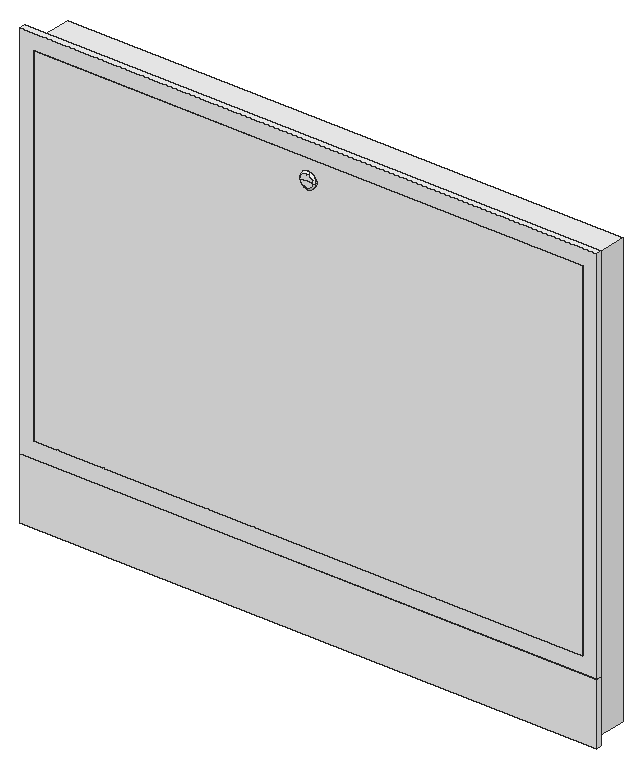
Revit family "UnoFloor Light(C)(CI)_RFA_1", category Pipe Accessories, Revit 2019
Family settings
  Round Connector Dimension = Use Diameter
  Part Type = Valve - Breaks Into
  OmniClass Number = 23.65.55.14.17
  OmniClass Title = Adjusting/Controlling Valves for Liquid Services
  Work Plane-Based = Yes
  Always vertical = Yes
  Cut with Voids When Loaded = No
  Shared = No
Parameters (values of type "UnoFloor Light_4L-12L")
  W = 79.5 mm  # constant formula
  Voltage = 230 V
  URL = "https://store.danfoss.com/en/Climate-Solutions-for-heating/Stations/UnoFloor/c/31547?q=%3Arelevance%3Adanfoss_producttypehierarchydesc%3AUnoFloor+Light&text="
  Type number = 1
  Type Comments = ""
  Right Assembly = not(Left Assembly)  # no
  Required Circuits [instance] = 12
  Product Code [instance] = if(Type number = 1, size_lookup(LookupTableName, "Light", "NA", Number of Circuits), if(Type number = 2, size_lookup(LookupTableName, "C", "NA", Number of Circuits), if(Type number = 3, size_lookup(LookupTableName, "CI", "NA", Number of Circuits), "NA")))  # "088X3712"
  Pressure Drop [instance] = 0.0 Pa
  Power = 0 VA
  Pack Contents = "Stainless steel manifold"
  Number of Circuits [instance] = if(Required Circuits < 4, 4, if(Required Circuits > 12, 12, if(Required Circuits = 9, 10, if(Required Circuits = 11, 12, Required Circuits))))  # 12
  Nominal Pressure = "PN 6"  # constant formula
  Model Type [instance] = if(Type number = 1, size_lookup(LookupTableName, "TypeLight", "NA", Number of Circuits), if(Type number = 2, size_lookup(LookupTableName, "TypeC", "NA", Number of Circuits), if(Type number = 3, size_lookup(LookupTableName, "TypeCI", "NA", Number of Circuits), "NA")))  # "Unofloor Light 12 Loops Left"
  Model = "088X3704,088X3705,088X3706,088X3707,088X3708,088X3710,088X3712"
  Max Medium Temperature = "60 °C"  # constant formula
  Max Differential Pressure = "0.6 bar"  # constant formula
  Manufacturer = "Danfoss"  # constant formula
  LookupTableName = "Unofloor Light(C)(CI)_Lookup"  # constant formula
  Left Assembly = 1 = 1  # yes
  L5a [instance] = if(Left Assembly, L5, (L + 50.0 mm - L5 - ((Number of Circuits - 1) * 50.0 mm)))  # 268.0 mm
  L5 = 268.0 mm  # constant formula
  L4a [instance] = if(Left Assembly, L4, (L - L4 - ((Number of Circuits - 1) * 50.0 mm)))  # 268.0 mm
  L4 = 268.0 mm  # constant formula
  L3a [instance] = if(Left Assembly, L3, L - L3)  # 184.6 mm
  L3 = 184.6 mm  # constant formula
  L2a [instance] = if(Left Assembly, L2, L - L2)  # 153.0 mm
  L2 = 153.0 mm  # constant formula
  L1 = 50.0 mm
  L [instance] = if(and(Number of Circuits > 3, Number of Circuits < 7), 650.0 mm, if(and(Number of Circuits > 6, Number of Circuits < 9), 800.0 mm, 1000.0 mm))  # 1000.0 mm
  IfcExportType = "Unofloor Light"
  IfcExportAs = "IfcValveType"  # constant formula
  H2 = 182.0 mm  # constant formula
  H1 = 371.0 mm  # constant formula
  H = 769.0 mm
  Flow 9 [instance] = 0.0 m³/h
  Flow 8 [instance] = 0.0 m³/h
  Flow 7 [instance] = 0.0 m³/h
  Flow 6 [instance] = 0.0 m³/h
  Flow 5 [instance] = 0.0 m³/h
  Flow 4 [instance] = 0.0 m³/h
  Flow 3 [instance] = 0.0 m³/h
  Flow 2 [instance] = 0.0 m³/h
  Flow 12 [instance] = 0.0 m³/h
  Flow 11 [instance] = 0.0 m³/h
  Flow 10 [instance] = 0.0 m³/h
  Flow 1 [instance] = 0.0 m³/h
  Flow [instance] = 0.0 m³/h
  Description = "Distribution Units"  # constant formula
  Default Elevation = 1219.2 mm
  D = 20.0 mm
  Clearance Zone Front Visibility [instance] = no
  Clearance Zone Front [instance] = 500.0 mm
  Body Material = Danfoss Steel (Zinc Plated and Painted White)
Types (4, lengths in mm): name | URL | Type number | Product Code | Pack Contents | Model Type | Model | IfcExportType
  (no name) | "https://store.danfoss.com/en/Climate-Solutions-for-heating/Stations/UnoFloor/c/31547?q=%3Arelevance%3Adanfoss_producttypehierarchydesc%3AUnoFloor+Light&text=" | 1 | "088X3712" | "Stainless steel manifold" | "Unofloor Light 12 Loops Left" | "088X3704,088X3705,088X3706,088X3707,088X3708,088X3710,088X3712" | "Unofloor Light"
  UnoFloor Light CI_4L-12L | "https://store.danfoss.com/en/Climate-Solutions-for-heating/Stations/UnoFloor/c/31547?q=%3Arelevance%3Adanfoss_producttypehierarchydesc%3AUnoFloor+Light+CI&text=" | 3 | "088X3742" | "Danfoss Icon2™ Master controller 230V, Stainless steel manifold" | "Unofloor Light Ci 12 Loops left ICON2 - 230V" | "088X3734,088X3735,088X3736,088X3737,088X3738,088X3740,088X3742" | "Unofloor CI"
  UnoFloor Light_4L-12L | "https://store.danfoss.com/en/Climate-Solutions-for-heating/Stations/UnoFloor/c/31547?q=%3Arelevance%3Adanfoss_producttypehierarchydesc%3AUnoFloor+Light&text=" | 1 | "088X3712" | "Stainless steel manifold" | "Unofloor Light 12 Loops Left" | "088X3704,088X3705,088X3706,088X3707,088X3708,088X3710,088X3712" | "Unofloor Light"
  UnoFloor Light C_4L-12L | "https://store.danfoss.com/en/Climate-Solutions-for-heating/Stations/UnoFloor/c/31547?q=%3Arelevance%3Adanfoss_producttypehierarchydesc%3AUnoFloor+Light+C&text=" | 2 | "088X3722" | "Danfoss Icon™ Wiring center 230V, Stainless steel manifold" | "Unofloor Light C 12 Loops left  Icon 230" | "088X3714,088X3715,088X3716,088X3717,088X3718,088X3720,088X3722" | "Unofloor Light C"
Reference planes
  plane 1 "Center (Front/Back)": y = 0
  plane 2: z = 0
  plane 3 "Center (Left/Right)": x = 0
  plane 4: x = 0
  plane 5: x = 1000
  plane 6: z = 769
  plane 7 "Ref. Level 4": z = 182
  plane 8 "Ref. Level 3": z = 371
  plane 9 "Ref. Level 1": z = 433
  plane 10 "Ref. Level 2": z = 244.3
  plane 11: x = 268
  plane 12: y = 69.5
  plane 13 "Front 1": y = 30.7
  plane 14 "Front 2": y = 23.6
  plane 15: x = 153
  plane 16: x = 184.6
  plane 17: x = 268
  plane 18: y = -10
  plane 19: x = 500
  plane 20 "Ref-Level_1": z = 707.5
  plane 21: y = 27.5
Forms (mm)
  Extrusion 1, solid
    sketch origin (268, -35.547, 427.204) x (0, 0.996195, 0.087156) y (-1, 0, 0)
      loop
        circle (66.5, 0) r 13.22
    from 0 to 16.7
  Extrusion 2, solid, material "Danfoss Steel (Zinc Plated and Painted White)" <- "Body Material", detail levels fine
    sketch origin (94.5, 0, 0) x (1, 0, 0) y (0, 0, 1)
      loop
        line (-94.5, 0) -> (905.5, 0) -> (905.5, 769) -> (-94.5, 769) -> (-94.5, 0)
    from 10 to -69.5
  Extrusion 3, solid
    sketch origin (318, -35.547, 427.204) x (0, 0.996195, 0.087156) y (-1, 0, 0)
      loop
        circle (66.5, 0) r 13.22
    from 0 to 16.7
  Extrusion 4, solid
    sketch origin (368, -35.547, 427.204) x (0, 0.996195, 0.087156) y (-1, 0, 0)
      loop
        circle (66.5, 0) r 13.22
    from 0 to 16.7
  Extrusion 5, solid
    sketch origin (418, -35.547, 427.204) x (0, 0.996195, 0.087156) y (-1, 0, 0)
      loop
        circle (66.5, 0) r 13.22
    from 0 to 16.7
  Extrusion 6, solid
    sketch origin (231.5, 58.6, 244.3) x (0, 1, 0) y (-1, 0, 0)
      loop
        circle (-35, -36.5) r 13.22
    from 0 to 16.7
  Extrusion 7, solid
    sketch origin (281.5, 58.6, 244.3) x (0, 1, 0) y (-1, 0, 0)
      loop
        circle (-35, -36.5) r 13.22
    from 0 to 16.7
  Extrusion 8, solid
    sketch origin (331.5, 58.6, 244.3) x (0, 1, 0) y (-1, 0, 0)
      loop
        circle (-35, -36.5) r 13.22
    from 0 to 16.7
  Extrusion 9, solid
    sketch origin (381.5, 58.6, 244.3) x (0, 1, 0) y (-1, 0, 0)
      loop
        circle (-35, -36.5) r 13.22
    from 0 to 16.7
  Extrusion 10, solid, material "Danfoss Steel (Zinc Plated and Painted White)" <- "Body Material", detail levels fine
    sketch origin (94.5, 0, 371) x (-1, 0, 0) y (0, -1, 0)
      loop
        circle (-58.5, -27.5) r 13.2
    from 0 to 12.3
  Extrusion 11, solid, material "Danfoss Steel (Zinc Plated and Painted White)" <- "Body Material", detail levels fine
    sketch origin (94.5, 0, 182) x (-1, 0, 0) y (0, -1, 0)
      loop
        circle (-90.1, -23.6) r 13.2
    from 0 to 12.3
  Extrusion 12, solid
    sketch origin (468, -35.547, 427.204) x (0, 0.996195, 0.087156) y (-1, 0, 0)
      loop
        circle (66.5, 0) r 13.22
    from 0 to 16.7
  Extrusion 13, solid
    sketch origin (518, -35.547, 427.204) x (0, 0.996195, 0.087156) y (-1, 0, 0)
      loop
        circle (66.5, 0) r 13.22
    from 0 to 16.7
  Extrusion 14, solid
    sketch origin (568, -35.547, 427.204) x (0, 0.996195, 0.087156) y (-1, 0, 0)
      loop
        circle (66.5, 0) r 13.22
    from 0 to 16.7
  Extrusion 15, solid
    sketch origin (618, -35.547, 427.204) x (0, 0.996195, 0.087156) y (-1, 0, 0)
      loop
        circle (66.5, 0) r 13.22
    from 0 to 16.7
  Extrusion 16, solid
    sketch origin (668, -35.547, 427.204) x (0, 0.996195, 0.087156) y (-1, 0, 0)
      loop
        circle (66.5, 0) r 13.22
    from 0 to 16.7
  Extrusion 17, solid
    sketch origin (718, -35.547, 427.204) x (0, 0.996195, 0.087156) y (-1, 0, 0)
      loop
        circle (66.5, 0) r 13.22
    from 0 to 16.7
  Extrusion 18, solid
    sketch origin (768, -35.547, 427.204) x (0, 0.996195, 0.087156) y (-1, 0, 0)
      loop
        circle (66.5, 0) r 13.22
    from 0 to 16.7
  Extrusion 19, solid
    sketch origin (818, -35.547, 427.204) x (0, 0.996195, 0.087156) y (-1, 0, 0)
      loop
        circle (66.5, 0) r 13.22
    from 0 to 16.7
  Extrusion 20, solid
    sketch origin (431.5, 58.6, 244.3) x (0, 1, 0) y (-1, 0, 0)
      loop
        circle (-35, -36.5) r 13.22
    from 0 to 16.7
  Extrusion 21, solid
    sketch origin (481.5, 58.6, 244.3) x (0, 1, 0) y (-1, 0, 0)
      loop
        circle (-35, -36.5) r 13.22
    from 0 to 16.7
  Extrusion 22, solid
    sketch origin (531.5, 58.6, 244.3) x (0, 1, 0) y (-1, 0, 0)
      loop
        circle (-35, -36.5) r 13.22
    from 0 to 16.7
  Extrusion 23, solid
    sketch origin (581.5, 58.6, 244.3) x (0, 1, 0) y (-1, 0, 0)
      loop
        circle (-35, -36.5) r 13.22
    from 0 to 16.7
  Extrusion 24, solid
    sketch origin (631.5, 58.6, 244.3) x (0, 1, 0) y (-1, 0, 0)
      loop
        circle (-35, -36.5) r 13.22
    from 0 to 16.7
  Extrusion 25, solid
    sketch origin (681.5, 58.6, 244.3) x (0, 1, 0) y (-1, 0, 0)
      loop
        circle (-35, -36.5) r 13.22
    from 0 to 16.7
  Extrusion 26, solid
    sketch origin (731.5, 58.6, 244.3) x (0, 1, 0) y (-1, 0, 0)
      loop
        circle (-35, -36.5) r 13.22
    from 0 to 16.7
  Extrusion 27, solid
    sketch origin (781.5, 58.6, 244.3) x (0, 1, 0) y (-1, 0, 0)
      loop
        circle (-35, -36.5) r 13.22
    from 0 to 16.7
  Extrusion 28, void
    sketch origin (0, 0, 0) x (1, 0, 0) y (0, 0, 1)
      loop
        line (23, 742) -> (23, 134.25) -> (977, 134.25) -> (977, 742) -> (23, 742)
      loop
        line (24, 135.25) -> (976, 135.25) -> (976, 741) -> (24, 741) -> (24, 135.25)
    from 0 to 10
  Extrusion 29, void
    sketch origin (0, 0, 0) x (1, 0, 0) y (0, 0, 1)
      loop
        line (0, 107.25) -> (0, 106.25) -> (1000, 106.25) -> (1000, 107.25) -> (0, 107.25)
    from 0 to 10
  Extrusion 30, void
    sketch origin (0, 0, 0) x (1, 0, 0) y (0, 0, 1)
      loop
        line (0, 769) -> (0, 0) -> (19, 0) -> (19, 752) -> (981, 752) -> (981, 0) -> (1000, 0) -> (1000, 769) -> (0, 769)
    from 0 to -69.5
  Revolve 31, solid, material "Danfoss Steel (Zinc Plated and Painted White)" <- "Body Material", detail levels fine
    sketch origin (0, 0, 707.5) x (-1, 0, 0) y (0, -1, 0)
      loop
        line (-485.988, 10) -> (-485.988, 11) -> (-488.988, 14) -> (-500, 14) -> (-500, 10) -> (-485.988, 10)
      axis (-500, 10) -> (-500, 14)
    angle from 0 to 360
  Extrusion 32, solid, material "Danfoss Steel (Zinc Plated and Painted White)" <- "Body Material", detail levels coarse+medium
    sketch origin (0, 0, 0) x (1, 0, 0) y (0, 0, 1)
      loop
        line (1000, 769) -> (0, 769) -> (0, 0) -> (1000, 0) -> (1000, 769)
    from -69.5 to 10
  Extrusion 33, solid, material "Transparent", visible <- "Clearance Zone Front Visibility"
    sketch origin (0, 0, 0) x (1, 0, 0) y (0, 0, 1)
      loop
        line (0, 769) -> (0, 0) -> (1000, 0) -> (1000, 769) -> (0, 769)
    from -69.5 to 430.5
Cuts and joins
  Extrusion 28, Extrusion 29, Extrusion 30 cuts Extrusion 2
Dimensions and locks
  "L": plane 5 to plane 4
  "H": plane 6 to level
  "H2": plane 7 "Ref. Level 4" to level
  "H1": plane 8 "Ref. Level 3" to level
  locked: plane 9 "Ref. Level 1" to plane 2 at 433
  equal spacing: group 1, group 2, group 3, group 4, group 9, group 10, group 11, group 12, group 13, group 14, group 15, group 16  (x3)
  locked: plane 13 "Front 1" to plane 12 at 38.8
  plane 14 "Front 2" to plane 13 "Front 1" = 7.1 mm
  equal spacing: group 5, group 6, group 7, group 8, group 17, group 18, group 19, group 20, group 21, group 22, group 23, group 24  (x3)
  "L1": plane 11 to Extrusion 7
  plane 9 "Ref. Level 1" to plane 10 "Ref. Level 2" = 188.7 mm
  "L4a": plane 11 to plane 4
  "L1": plane 17 to Extrusion 3
  "L5a": plane 17 to plane 4
  "L2a": plane 15 to plane 4
  "L3a": plane 16 to plane 4
  "W": plane 18 to plane 12
  locked: plane 18 to plane 1 "Center (Front/Back)" at 10
  locked: plane 6 to Extrusion 28 sketch curve at 27
  locked: Extrusion 28 sketch curve to plane 4 at 23
  locked: plane 5 to Extrusion 28 sketch curve at 23
  locked: Extrusion 28 sketch curve to Extrusion 28 sketch curve at 1
  equal spacing: plane 5, plane 19, plane 3 "Center (Left/Right)"
  Extrusion 29 sketch curve to Extrusion 29 sketch curve to plane 2 = 1.0 mm locked, 106.25 mm locked
  locked: Extrusion 30 sketch curve to plane 4 at 19
  locked: plane 6 to Extrusion 30 sketch curve at 17
  locked: plane 5 to Extrusion 30 sketch curve at 19
  locked: plane 6 to plane 20 "Ref-Level_1" at 61.5
  Revolve 31 sketch curve to Revolve 31 sketch curve = 14.012 mm
  locked: Revolve 31 sketch curve to cut or joined group of Extrusion 2, Extrusion 28, Extrusion 29, Extrusion 30 at 4
  locked: Revolve 31 sketch curve to cut or joined group of Extrusion 2, Extrusion 28, Extrusion 29, Extrusion 30 at 1
  "Clearance Zone Front": Extrusion 33 to plane 12
  locked: Extrusion 28 sketch curve to level at 134.25
  locked: plane 21 to plane 12 at 42
  diameter of Extrusion 1 sketch curve = 26.44 mm
  diameter of Extrusion 3 sketch curve = 26.44 mm
  diameter of Extrusion 4 sketch curve = 26.44 mm
  diameter of Extrusion 5 sketch curve = 26.44 mm
  diameter of Extrusion 6 sketch curve = 26.44 mm
  diameter of Extrusion 7 sketch curve = 26.44 mm
  diameter of Extrusion 8 sketch curve = 26.44 mm
  diameter of Extrusion 9 sketch curve = 26.44 mm
  diameter of Extrusion 10 sketch curve = 26.4 mm
  diameter of Extrusion 11 sketch curve = 26.4 mm
  diameter of Extrusion 12 sketch curve = 26.44 mm
  diameter of Extrusion 13 sketch curve = 26.44 mm
  diameter of Extrusion 14 sketch curve = 26.44 mm
  diameter of Extrusion 15 sketch curve = 26.44 mm
  diameter of Extrusion 16 sketch curve = 26.44 mm
  diameter of Extrusion 17 sketch curve = 26.44 mm
  diameter of Extrusion 18 sketch curve = 26.44 mm
  diameter of Extrusion 19 sketch curve = 26.44 mm
  diameter of Extrusion 20 sketch curve = 26.44 mm
  diameter of Extrusion 21 sketch curve = 26.44 mm
  diameter of Extrusion 22 sketch curve = 26.44 mm
  diameter of Extrusion 23 sketch curve = 26.44 mm
  diameter of Extrusion 24 sketch curve = 26.44 mm
  diameter of Extrusion 25 sketch curve = 26.44 mm
  diameter of Extrusion 26 sketch curve = 26.44 mm
  diameter of Extrusion 27 sketch curve = 26.44 mm
  locked: Revolve 31 sketch curve to Revolve 31 sketch curve (angle 135.00°)
  aligned and locked: level to plane 2
  aligned and locked: plane 17 to Extrusion 1
  aligned and locked: plane 11 to Extrusion 6
  aligned and locked: plane 18 to Extrusion 2
  aligned and locked: Extrusion 2 to plane 12
  aligned and locked: Extrusion 2 to Extrusion 28
  aligned and locked: plane 3 "Center (Left/Right)" to Extrusion 29 sketch curve
  aligned and locked: Extrusion 29 sketch curve to plane 5
  aligned and locked: Extrusion 2 to Extrusion 29
  aligned and locked: Extrusion 30 sketch curve to cut or joined group of Extrusion 2, Extrusion 28, Extrusion 29, Extrusion 30  (x2)
  aligned and locked: cut or joined group of Extrusion 2, Extrusion 28, Extrusion 29, Extrusion 30 to Extrusion 30 sketch curve
  aligned and locked: Extrusion 30 sketch curve to plane 2
  aligned and locked: Extrusion 30 to Extrusion 2
  aligned and locked: cut or joined group of Extrusion 2, Extrusion 28, Extrusion 29, Extrusion 30 to Revolve 31 sketch curve
  aligned and locked: Revolve 31 sketch curve to plane 19
  aligned and locked: Revolve 31 sketch curve to Revolve 31 sketch curve  (x3)
  aligned and locked: Extrusion 32 sketch curve to cut or joined group of Extrusion 2, Extrusion 28, Extrusion 29, Extrusion 30  (x3)
  aligned and locked: cut or joined group of Extrusion 2, Extrusion 28, Extrusion 29, Extrusion 30 to Extrusion 32 sketch curve
  aligned and locked: plane 18 to Extrusion 32
  aligned and locked: Extrusion 32 to plane 12
  aligned and locked: Extrusion 33 sketch curve to cut or joined group of Extrusion 2, Extrusion 28, Extrusion 29, Extrusion 30  (x3)
  aligned and locked: cut or joined group of Extrusion 2, Extrusion 28, Extrusion 29, Extrusion 30 to Extrusion 33 sketch curve
  aligned and locked: Extrusion 33 to plane 12
  aligned and locked: plane 21 to Extrusion 10 sketch curve
  aligned and locked: plane 15 to Extrusion 10 sketch curve
Automatic sketch dimensions
  Extrusion 2 sketch curve to plane 4 = 0.0 mm
  Extrusion 2 sketch curve to plane 5 = 0.0 mm
  Extrusion 2 sketch curve to level = 0.0 mm
  Extrusion 2 sketch curve to plane 6 = 0.0 mm
  plane 14 "Front 2" to Extrusion 11 sketch curve = 0.0 mm
  Extrusion 11 sketch curve to plane 16 = 0.0 mm
  Extrusion 28 sketch curve to Extrusion 28 sketch curve = 1.0 mm  (x3)
  Extrusion 30 sketch curve to level = 0.0 mm
Connectors
  piping at (153, 27.5, 371), diameter 20, driven by "D", driven by "Flow"
    settings: on Extrusion 10, index 1, connector inside diameter 609.6 mm, connector length 0.0 mm, flow factor 0, pipe flow 0.0 m³/h, pressure drop 0.0 Pa, fitting loss kfactor 0, connector angle 0.00°, fixture units 0, engagement length 0.0 mm, angle of deflection 0.00°, flow configuration 0, flow direction 2, fitting loss method 0, system type 8, joint type 0, gender type 0, connector reference index -1, connector utility 0, adjustable connector no, is connector primary yes, connector description "Return"
  piping at (184.6, 23.6, 182), diameter 20, driven by "D", driven by "Flow"
    settings: on Extrusion 11, index 2, connector inside diameter 609.6 mm, connector length 0.0 mm, flow factor 0, pipe flow 0.0 m³/h, pressure drop 0.0 Pa, fitting loss kfactor 0, connector angle 0.00°, fixture units 0, engagement length 0.0 mm, angle of deflection 0.00°, flow configuration 0, flow direction 1, fitting loss method 0, system type 7, joint type 0, gender type 0, connector reference index -1, connector utility 0, adjustable connector no, is connector primary no, connector description "Supply"
  piping at (268, 23.6, 244.3), diameter 20, driven by "D", driven by "Flow 1"
    settings: on Extrusion 6, index 3, connector inside diameter 609.6 mm, connector length 0.0 mm, flow factor 0, pipe flow 0.0 m³/h, pressure drop 0.0 Pa, fitting loss kfactor 0, connector angle 0.00°, fixture units 0, engagement length 0.0 mm, angle of deflection 0.00°, flow configuration 0, flow direction 1, fitting loss method 0, system type 7, joint type 0, gender type 0, connector reference index -1, connector utility 0, adjustable connector no, is connector primary no, connector description "Supply1"
  piping at (318, 23.6, 244.3), diameter 20, driven by "D", driven by "Flow 2"
    settings: on Extrusion 7, index 4, connector inside diameter 609.6 mm, connector length 0.0 mm, flow factor 0, pipe flow 0.0 m³/h, pressure drop 0.0 Pa, fitting loss kfactor 0, connector angle 0.00°, fixture units 0, engagement length 0.0 mm, angle of deflection 0.00°, flow configuration 0, flow direction 1, fitting loss method 0, system type 7, joint type 0, gender type 0, connector reference index -1, connector utility 0, adjustable connector no, is connector primary no, connector description "Supply2"
  piping at (368, 23.6, 244.3), diameter 20, driven by "D", driven by "Flow 3"
    settings: on Extrusion 8, index 5, connector inside diameter 609.6 mm, connector length 0.0 mm, flow factor 0, pipe flow 0.0 m³/h, pressure drop 0.0 Pa, fitting loss kfactor 0, connector angle 0.00°, fixture units 0, engagement length 0.0 mm, angle of deflection 0.00°, flow configuration 0, flow direction 1, fitting loss method 0, system type 7, joint type 0, gender type 0, connector reference index -1, connector utility 0, adjustable connector no, is connector primary no, connector description "Supply3"
  piping at (418, 23.6, 244.3), diameter 20, driven by "D", driven by "Flow 4"
    settings: on Extrusion 9, index 6, connector inside diameter 609.6 mm, connector length 0.0 mm, flow factor 0, pipe flow 0.0 m³/h, pressure drop 0.0 Pa, fitting loss kfactor 0, connector angle 0.00°, fixture units 0, engagement length 0.0 mm, angle of deflection 0.00°, flow configuration 0, flow direction 1, fitting loss method 0, system type 7, joint type 0, gender type 0, connector reference index -1, connector utility 0, adjustable connector no, is connector primary no, connector description "Supply4"
  piping at (418, 30.7, 433), diameter 20, driven by "D", driven by "Flow 4"
    settings: on Extrusion 5, index 11, connector inside diameter 609.6 mm, connector length 0.0 mm, flow factor 0, pipe flow 0.0 m³/h, pressure drop 0.0 Pa, fitting loss kfactor 0, connector angle 0.00°, fixture units 0, engagement length 0.0 mm, angle of deflection 0.00°, flow configuration 0, flow direction 2, fitting loss method 0, system type 8, joint type 0, gender type 0, connector reference index -1, connector utility 0, adjustable connector no, is connector primary no, connector description "Return4"
  piping at (368, 30.7, 433), diameter 20, driven by "D", driven by "Flow 3"
    settings: on Extrusion 4, index 12, connector inside diameter 609.6 mm, connector length 0.0 mm, flow factor 0, pipe flow 0.0 m³/h, pressure drop 0.0 Pa, fitting loss kfactor 0, connector angle 0.00°, fixture units 0, engagement length 0.0 mm, angle of deflection 0.00°, flow configuration 0, flow direction 2, fitting loss method 0, system type 8, joint type 0, gender type 0, connector reference index -1, connector utility 0, adjustable connector no, is connector primary no, connector description "Return3"
  piping at (318, 30.7, 433), diameter 20, driven by "D", driven by "Flow 2"
    settings: on Extrusion 3, index 13, connector inside diameter 609.6 mm, connector length 0.0 mm, flow factor 0, pipe flow 0.0 m³/h, pressure drop 0.0 Pa, fitting loss kfactor 0, connector angle 0.00°, fixture units 0, engagement length 0.0 mm, angle of deflection 0.00°, flow configuration 0, flow direction 2, fitting loss method 0, system type 8, joint type 0, gender type 0, connector reference index -1, connector utility 0, adjustable connector no, is connector primary no, connector description "Return2"
  piping at (268, 30.7, 433), diameter 20, driven by "D", driven by "Flow 1"
    settings: on Extrusion 1, index 14, connector inside diameter 609.6 mm, connector length 0.0 mm, flow factor 0, pipe flow 0.0 m³/h, pressure drop 0.0 Pa, fitting loss kfactor 0, connector angle 0.00°, fixture units 0, engagement length 0.0 mm, angle of deflection 0.00°, flow configuration 0, flow direction 2, fitting loss method 0, system type 8, joint type 0, gender type 0, connector reference index -1, connector utility 0, adjustable connector no, is connector primary no, connector description "Return1"
  piping at (468, 30.7, 433), diameter 20, driven by "D", driven by "Flow 5"
    settings: on Extrusion 12, index 15, connector inside diameter 609.6 mm, connector length 0.0 mm, flow factor 0, pipe flow 0.0 m³/h, pressure drop 0.0 Pa, fitting loss kfactor 0, connector angle 0.00°, fixture units 0, engagement length 0.0 mm, angle of deflection 0.00°, flow configuration 0, flow direction 2, fitting loss method 0, system type 8, joint type 0, gender type 0, connector reference index -1, connector utility 0, adjustable connector no, is connector primary no, connector description "Return5"
  piping at (518, 30.7, 433), diameter 20, driven by "D", driven by "Flow 6"
    settings: on Extrusion 13, index 16, connector inside diameter 609.6 mm, connector length 0.0 mm, flow factor 0, pipe flow 0.0 m³/h, pressure drop 0.0 Pa, fitting loss kfactor 0, connector angle 0.00°, fixture units 0, engagement length 0.0 mm, angle of deflection 0.00°, flow configuration 0, flow direction 2, fitting loss method 0, system type 8, joint type 0, gender type 0, connector reference index -1, connector utility 0, adjustable connector no, is connector primary no, connector description "Return6"
  piping at (568, 30.7, 433), diameter 20, driven by "D", driven by "Flow 7"
    settings: on Extrusion 14, index 17, connector inside diameter 609.6 mm, connector length 0.0 mm, flow factor 0, pipe flow 0.0 m³/h, pressure drop 0.0 Pa, fitting loss kfactor 0, connector angle 0.00°, fixture units 0, engagement length 0.0 mm, angle of deflection 0.00°, flow configuration 0, flow direction 2, fitting loss method 0, system type 8, joint type 0, gender type 0, connector reference index -1, connector utility 0, adjustable connector no, is connector primary no, connector description "Return7"
  piping at (618, 30.7, 433), diameter 20, driven by "D", driven by "Flow 8"
    settings: on Extrusion 15, index 18, connector inside diameter 609.6 mm, connector length 0.0 mm, flow factor 0, pipe flow 0.0 m³/h, pressure drop 0.0 Pa, fitting loss kfactor 0, connector angle 0.00°, fixture units 0, engagement length 0.0 mm, angle of deflection 0.00°, flow configuration 0, flow direction 2, fitting loss method 0, system type 8, joint type 0, gender type 0, connector reference index -1, connector utility 0, adjustable connector no, is connector primary no, connector description "Return8"
  piping at (668, 30.7, 433), diameter 20, driven by "D", driven by "Flow 9"
    settings: on Extrusion 16, index 19, connector inside diameter 609.6 mm, connector length 0.0 mm, flow factor 0, pipe flow 0.0 m³/h, pressure drop 0.0 Pa, fitting loss kfactor 0, connector angle 0.00°, fixture units 0, engagement length 0.0 mm, angle of deflection 0.00°, flow configuration 0, flow direction 2, fitting loss method 0, system type 8, joint type 0, gender type 0, connector reference index -1, connector utility 0, adjustable connector no, is connector primary no, connector description "Return9"
  piping at (718, 30.7, 433), diameter 20, driven by "D", driven by "Flow 10"
    settings: on Extrusion 17, index 20, connector inside diameter 609.6 mm, connector length 0.0 mm, flow factor 0, pipe flow 0.0 m³/h, pressure drop 0.0 Pa, fitting loss kfactor 0, connector angle 0.00°, fixture units 0, engagement length 0.0 mm, angle of deflection 0.00°, flow configuration 0, flow direction 2, fitting loss method 0, system type 8, joint type 0, gender type 0, connector reference index -1, connector utility 0, adjustable connector no, is connector primary no, connector description "Return10"
  piping at (768, 30.7, 433), diameter 20, driven by "D", driven by "Flow 11"
    settings: on Extrusion 18, index 21, connector inside diameter 609.6 mm, connector length 0.0 mm, flow factor 0, pipe flow 0.0 m³/h, pressure drop 0.0 Pa, fitting loss kfactor 0, connector angle 0.00°, fixture units 0, engagement length 0.0 mm, angle of deflection 0.00°, flow configuration 0, flow direction 2, fitting loss method 0, system type 8, joint type 0, gender type 0, connector reference index -1, connector utility 0, adjustable connector no, is connector primary no, connector description "Return11"
  piping at (818, 30.7, 433), diameter 20, driven by "D", driven by "Flow 12"
    settings: on Extrusion 19, index 22, connector inside diameter 609.6 mm, connector length 0.0 mm, flow factor 0, pipe flow 0.0 m³/h, pressure drop 0.0 Pa, fitting loss kfactor 0, connector angle 0.00°, fixture units 0, engagement length 0.0 mm, angle of deflection 0.00°, flow configuration 0, flow direction 2, fitting loss method 0, system type 8, joint type 0, gender type 0, connector reference index -1, connector utility 0, adjustable connector no, is connector primary no, connector description "Return12"
  piping at (818, 23.6, 244.3), diameter 20, driven by "D", driven by "Flow 12"
    settings: on Extrusion 27, index 23, connector inside diameter 609.6 mm, connector length 0.0 mm, flow factor 0, pipe flow 0.0 m³/h, pressure drop 0.0 Pa, fitting loss kfactor 0, connector angle 0.00°, fixture units 0, engagement length 0.0 mm, angle of deflection 0.00°, flow configuration 0, flow direction 1, fitting loss method 0, system type 7, joint type 0, gender type 0, connector reference index -1, connector utility 0, adjustable connector no, is connector primary no, connector description "Supply12"
  piping at (768, 23.6, 244.3), diameter 20, driven by "D", driven by "Flow 11"
    settings: on Extrusion 26, index 24, connector inside diameter 609.6 mm, connector length 0.0 mm, flow factor 0, pipe flow 0.0 m³/h, pressure drop 0.0 Pa, fitting loss kfactor 0, connector angle 0.00°, fixture units 0, engagement length 0.0 mm, angle of deflection 0.00°, flow configuration 0, flow direction 1, fitting loss method 0, system type 7, joint type 0, gender type 0, connector reference index -1, connector utility 0, adjustable connector no, is connector primary no, connector description "Supply11"
  piping at (718, 23.6, 244.3), diameter 20, driven by "D", driven by "Flow 10"
    settings: on Extrusion 25, index 25, connector inside diameter 609.6 mm, connector length 0.0 mm, flow factor 0, pipe flow 0.0 m³/h, pressure drop 0.0 Pa, fitting loss kfactor 0, connector angle 0.00°, fixture units 0, engagement length 0.0 mm, angle of deflection 0.00°, flow configuration 0, flow direction 1, fitting loss method 0, system type 7, joint type 0, gender type 0, connector reference index -1, connector utility 0, adjustable connector no, is connector primary no, connector description "Supply10"
  piping at (668, 23.6, 244.3), diameter 20, driven by "D", driven by "Flow 9"
    settings: on Extrusion 24, index 26, connector inside diameter 609.6 mm, connector length 0.0 mm, flow factor 0, pipe flow 0.0 m³/h, pressure drop 0.0 Pa, fitting loss kfactor 0, connector angle 0.00°, fixture units 0, engagement length 0.0 mm, angle of deflection 0.00°, flow configuration 0, flow direction 1, fitting loss method 0, system type 7, joint type 0, gender type 0, connector reference index -1, connector utility 0, adjustable connector no, is connector primary no, connector description "Supply9"
  piping at (618, 23.6, 244.3), diameter 20, driven by "D", driven by "Flow 8"
    settings: on Extrusion 23, index 27, connector inside diameter 609.6 mm, connector length 0.0 mm, flow factor 0, pipe flow 0.0 m³/h, pressure drop 0.0 Pa, fitting loss kfactor 0, connector angle 0.00°, fixture units 0, engagement length 0.0 mm, angle of deflection 0.00°, flow configuration 0, flow direction 1, fitting loss method 0, system type 7, joint type 0, gender type 0, connector reference index -1, connector utility 0, adjustable connector no, is connector primary no, connector description "Supply8"
  piping at (568, 23.6, 244.3), diameter 20, driven by "D", driven by "Flow 7"
    settings: on Extrusion 22, index 28, connector inside diameter 609.6 mm, connector length 0.0 mm, flow factor 0, pipe flow 0.0 m³/h, pressure drop 0.0 Pa, fitting loss kfactor 0, connector angle 0.00°, fixture units 0, engagement length 0.0 mm, angle of deflection 0.00°, flow configuration 0, flow direction 1, fitting loss method 0, system type 7, joint type 0, gender type 0, connector reference index -1, connector utility 0, adjustable connector no, is connector primary no, connector description "Supply7"
  piping at (518, 23.6, 244.3), diameter 20, driven by "D", driven by "Flow 6"
    settings: on Extrusion 21, index 29, connector inside diameter 609.6 mm, connector length 0.0 mm, flow factor 0, pipe flow 0.0 m³/h, pressure drop 0.0 Pa, fitting loss kfactor 0, connector angle 0.00°, fixture units 0, engagement length 0.0 mm, angle of deflection 0.00°, flow configuration 0, flow direction 1, fitting loss method 0, system type 7, joint type 0, gender type 0, connector reference index -1, connector utility 0, adjustable connector no, is connector primary no, connector description "Supply6"
  piping at (468, 23.6, 244.3), diameter 20, driven by "D", driven by "Flow 5"
    settings: on Extrusion 20, index 30, connector inside diameter 609.6 mm, connector length 0.0 mm, flow factor 0, pipe flow 0.0 m³/h, pressure drop 0.0 Pa, fitting loss kfactor 0, connector angle 0.00°, fixture units 0, engagement length 0.0 mm, angle of deflection 0.00°, flow configuration 0, flow direction 1, fitting loss method 0, system type 7, joint type 0, gender type 0, connector reference index -1, connector utility 0, adjustable connector no, is connector primary no, connector description "Supply5"
  electrical at (0, 0, 0), driven by "Voltage", driven by "Power"
    settings: index 31, voltage 230 V, apparent load 0 VA, apparent load phase1 0 VA, apparent load phase2 0 VA, apparent load phase3 0 VA, power factor 0.95, load classification "HVAC", number of poles 1, system type 30, power factor state 1, is connector primary yes, connector utility no, sub classification motor no, connector description ""
